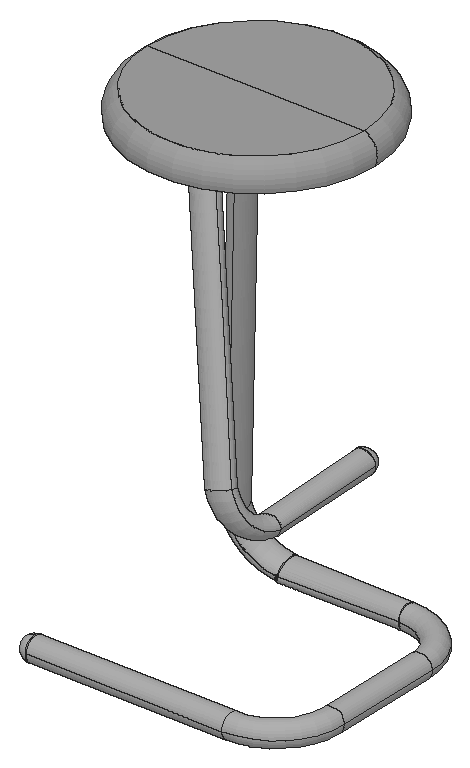
Revit family "Haworth_K700_Stool", category Furniture, Revit 2018
Family settings
  OmniClass Number = 23.40.70.14.64.21
  OmniClass Title = Systems Furniture
  Work Plane-Based = No
  Always vertical = Yes
  Cut with Voids When Loaded = No
  Shared = No
  Room Calculation Point = No
Parameters (values of type "K700 - 28h")
  Warranty = "http://www.haworth.com/resources/product-info/warranties"
  URL - Product = "http://www.haworth.com/products/Seating/Stools/k700"
  Seat Finish = Haworth _ Fabric _ Tellure _ Steel 3A-39
  Model = "K700"  # constant formula
  Medium = no
  Frame Finish = Haworth _ Metal _ Chrome
  Description = "Haworth K700"  # constant formula
  Low = no
  URL = "http://www.haworth.com/our-brands/haworth-collection"
  High = not(or(Medium, Low))  # yes
  Size = "Verify Final Dim. w/ Haworth"  # constant formula
  Revision Number = "5"  # constant formula
  Manufacturer = "Haworth"  # constant formula
  Author = "Haworth (Hampton)"  # constant formula
  Assembly Code = "E2020200"
  Actual Height = if(High, 28", if(Low, 18", 24"))  # 28"
Types (3): name | Medium | Low | High | Actual Height
  K700 - 28h | no | no | yes | 28"
  K700 - 24h | yes | no | no | 24"
  K700 - 18h | no | yes | no | 18"
Reference planes (in)
  plane 1 "Center F/B": y = 0
  plane 2: z = 0
  plane 3 "Center L/R": x = 0
  plane 4 "Top": z = 28
  plane 5 "Back": y = 12
  plane 6 "Front": y = -10.9375
  plane 7 "Left": x = -10.71875
  plane 8 "Right": x = 10.71875
  plane 9: through (-10.71875, -180, 0) normal (-0.0262, 0, -0.9997)
  plane 10: through (0, 4.83345, 14.6143) normal (0, 0.9367, 0.3502)
  plane 11: z = 26.5
  plane 12 "Diagonal Plane": through (0, 6.43284, 0) normal (0, 0.9658, 0.2594)
  plane 13 "High Foot Rest": through (0, -7.69165, 3.4218) normal (0, 0.9744, -0.225)
Forms (in)
  Sweep 1, solid
    path origin (0, 0, 0) x (1, 0, 0) y (0, 1, 0)
      loop
        line (-7.25, -6.8125) -> (3.5, -6.8125)
        arc (3.5, -6.8125) -> (6.19584, -5.69584) -> (7.3125, -3) r 3.8125
        line (7.3125, -3) -> (7.3125, 3)
        arc (7.3125, 3) -> (6.19584, 5.69584) -> (3.5, 6.8125) r 3.8125
    profile origin (-1.875, -6.8125, 0) x (0, 1, 0) y (0, 0, 1)
      loop
        circle (0.75, 0.66748) r 0.6499
  Revolve 2, solid
    sketch origin (0, -6.0625, 0) x (1, 0, 0) y (0, 0, 1)
      loop
        arc (-7.25, 1.31738) -> (-7.70921, 1.12717) -> (-7.89941, 0.66797) r 0.64941
        line (-7.89941, 0.66797) -> (-7.25, 0.66797) -> (-7.25, 1.31738)
      axis (-7.25, 0.66797) -> (-7.89941, 0.66797)
    angle from 0 to 360
  Sweep 3, solid, visible <- "Low"
    path origin (0, 6.1366, 0.85045) x (0, 0.259409, -0.965767) y (-1, 0, 0)
      loop
        arc (1.94184, 3.5) -> (0.36646, 6.26205) -> (-2.66985, 7.20626) r 4.33538
        line (-2.66985, 7.20626) -> (-17.05838, 3.96084)
    profile origin (-5.58355, 3.57776, 10.37689) x (0.975494, 0.057077, -0.212496) y (0, 0.965767, 0.259409)
      loop
        spline (1.80658, -0.736) -> (1.93425, -0.65798) -> (2.04386, -0.53394) -> (2.12794, -0.37234) -> (2.18076, -0.1842) -> (2.19872, 0.01766) -> (2.18059, 0.21949) -> (2.12762, 0.40754) -> (2.0434, 0.56898) -> (1.93369, 0.69282) -> (1.80595, 0.77062) -> (1.6689, 0.79707) -> (1.53186, 0.77037)
        spline (1.53186, 0.77037) -> (1.40419, 0.69234) -> (1.29458, 0.56831) -> (1.2105, 0.40671) -> (1.15768, 0.21857) -> (1.13972, 0.01671) -> (1.15785, -0.18512) -> (1.21082, -0.37317) -> (1.29504, -0.53461) -> (1.40475, -0.65845) -> (1.53249, -0.73625) -> (1.66954, -0.7627) -> (1.80658, -0.736)
  SweptBlend 4, solid
    path origin (0, 0, 0) x (1, 0, 0) y (0, 1, 0)
      loop
        line (3.5, 6.7124) -> (-3.2819, 6.991)
    profile origin (3.5, 6.7124, 0) x (-0.041044, -0.999157, 0) y (0, 0, 1)
      loop
        spline (1.29871, 0.66748) -> (1.27658, 0.83569) -> (1.21171, 0.99243) -> (1.10852, 1.12703) -> (0.97403, 1.23031) -> (0.81742, 1.29524) -> (0.64935, 1.31738) -> (0.48129, 1.29524) -> (0.32468, 1.23031) -> (0.19019, 1.12703) -> (0.087, 0.99243) -> (0.02213, 0.83569) -> (0, 0.66748)
        spline (0, 0.66748) -> (0.02213, 0.49927) -> (0.087, 0.34253) -> (0.19019, 0.20793) -> (0.32468, 0.10465) -> (0.48129, 0.03972) -> (0.64935, 0.01758) -> (0.81742, 0.03972) -> (0.97403, 0.10465) -> (1.10852, 0.20793) -> (1.21171, 0.34253) -> (1.27658, 0.49927) -> (1.29871, 0.66748)
    end profile origin (-3.2819, 6.991, 0) x (-0.041044, -0.999157, 0) y (0, 0, 1)
      loop
        spline (0, 0.63928) -> (0.04328, 0.497) -> (0.1355, 0.36004) -> (0.27035, 0.23775) -> (0.43865, 0.13845) -> (0.62894, 0.06892) -> (0.82824, 0.03389) -> (1.02298, 0.03575) -> (1.19987, 0.07437) -> (1.34688, 0.14713) -> (1.45397, 0.24905) -> (1.51386, 0.37321) -> (1.52245, 0.51112)
        spline (1.52245, 0.51112) -> (1.47917, 0.65341) -> (1.38696, 0.79037) -> (1.25211, 0.91266) -> (1.0838, 1.01196) -> (0.89351, 1.08149) -> (0.69421, 1.11652) -> (0.49948, 1.11466) -> (0.32258, 1.07604) -> (0.17557, 1.00328) -> (0.06848, 0.90136) -> (0.0086, 0.7772) -> (0, 0.63928)
  Sweep 5, solid, visible <- "Medium"
    path origin (0, 6.1366, 0.85045) x (0, 0.259409, -0.965767) y (-1, 0, 0)
      loop
        arc (1.94184, 3.5) -> (0.36646, 6.26205) -> (-2.66985, 7.20626) r 4.33538
        line (-2.66985, 7.20626) -> (-23.64296, 2.47565)
    profile origin (-4.84096, 2.7237, 13.55648) x (0.975494, 0.057077, -0.212496) y (0, 0.965767, 0.259409)
      loop
        spline (1.80658, -0.736) -> (1.93425, -0.65798) -> (2.04386, -0.53394) -> (2.12794, -0.37234) -> (2.18076, -0.1842) -> (2.19872, 0.01766) -> (2.18059, 0.21949) -> (2.12762, 0.40754) -> (2.0434, 0.56898) -> (1.93369, 0.69282) -> (1.80595, 0.77062) -> (1.6689, 0.79707) -> (1.53186, 0.77037)
        spline (1.53186, 0.77037) -> (1.40419, 0.69234) -> (1.29458, 0.56831) -> (1.2105, 0.40671) -> (1.15768, 0.21857) -> (1.13972, 0.01671) -> (1.15785, -0.18512) -> (1.21082, -0.37317) -> (1.29504, -0.53461) -> (1.40475, -0.65845) -> (1.53249, -0.73625) -> (1.66954, -0.7627) -> (1.80658, -0.736)
  Sweep 6, solid, visible <- "High"
    path origin (0, 6.1366, 0.85045) x (0, 0.259409, -0.965767) y (-1, 0, 0)
      loop
        arc (1.94184, 3.5) -> (0.36646, 6.26205) -> (-2.66985, 7.20626) r 4.33538
        line (-2.66985, 7.20626) -> (-27.30106, 1.65055)
    profile origin (-4.4284, 2.24923, 15.32291) x (0.975494, 0.057077, -0.212496) y (0, 0.965767, 0.259409)
      loop
        spline (1.80658, -0.736) -> (1.93425, -0.65798) -> (2.04386, -0.53394) -> (2.12794, -0.37234) -> (2.18076, -0.1842) -> (2.19872, 0.01766) -> (2.18059, 0.21949) -> (2.12762, 0.40754) -> (2.0434, 0.56898) -> (1.93369, 0.69282) -> (1.80595, 0.77062) -> (1.6689, 0.79707) -> (1.53186, 0.77037)
        spline (1.53186, 0.77037) -> (1.40419, 0.69234) -> (1.29458, 0.56831) -> (1.2105, 0.40671) -> (1.15768, 0.21857) -> (1.13972, 0.01671) -> (1.15785, -0.18512) -> (1.21082, -0.37317) -> (1.29504, -0.53461) -> (1.40475, -0.65845) -> (1.53249, -0.73625) -> (1.66954, -0.7627) -> (1.80658, -0.736)
  SweptBlend 7, solid, visible <- "High"
    path origin (-1.41419, -2.00741, 0) x (0, 1, 0) y (1, 0, 0)
      loop
        line (3.5, 6.7124) -> (-3.2819, 6.991)
    profile origin (5.29821, 1.49259, 0) x (0.999157, 0.041044, 0) y (0, 0, 1)
      loop
        spline (-1.29871, 10.66748) -> (-1.27658, 10.49927) -> (-1.21171, 10.34253) -> (-1.10852, 10.20793) -> (-0.97403, 10.10465) -> (-0.81742, 10.03972) -> (-0.64935, 10.01758) -> (-0.48129, 10.03972) -> (-0.32468, 10.10465) -> (-0.19019, 10.20793) -> (-0.087, 10.34253) -> (-0.02213, 10.49927) -> (0, 10.66748)
        spline (0, 10.66748) -> (-0.02213, 10.83569) -> (-0.087, 10.99243) -> (-0.19019, 11.12703) -> (-0.32468, 11.23031) -> (-0.48129, 11.29524) -> (-0.64935, 11.31738) -> (-0.81742, 11.29524) -> (-0.97403, 11.23031) -> (-1.10852, 11.12703) -> (-1.21171, 10.99243) -> (-1.27658, 10.83569) -> (-1.29871, 10.66748)
    end profile origin (5.5768, -5.28931, 0) x (0.999157, 0.041044, 0) y (0, 0, 1)
      loop
        spline (0, 10.63928) -> (-0.0086, 10.7772) -> (-0.06848, 10.90136) -> (-0.17557, 11.00328) -> (-0.32258, 11.07604) -> (-0.49948, 11.11466) -> (-0.69421, 11.11652) -> (-0.89351, 11.08149) -> (-1.0838, 11.01196) -> (-1.25211, 10.91266) -> (-1.38696, 10.79037) -> (-1.47917, 10.65341) -> (-1.52245, 10.51112)
        spline (-1.52245, 10.51112) -> (-1.51386, 10.37321) -> (-1.45397, 10.24905) -> (-1.34688, 10.14713) -> (-1.19987, 10.07437) -> (-1.02298, 10.03575) -> (-0.82824, 10.03389) -> (-0.62894, 10.06892) -> (-0.43865, 10.13845) -> (-0.27035, 10.23775) -> (-0.1355, 10.36004) -> (-0.04328, 10.497) -> (0, 10.63928)
  Sweep 8, solid, visible <- "High"
    path origin (4.7224, -2.00741, 10.85045) x (0.259409, 0, -0.965767) y (0, 1, 0)
      loop
        arc (1.94184, -3.5) -> (0.36646, -6.26205) -> (-2.66985, -7.20626) r 4.33538
        line (-2.66985, -7.20626) -> (-17.25879, -3.71875)
    profile origin (2.13757, -7.46991, 20.47367) x (-0.060313, -0.972596, 0.224542) y (0.965767, 0, 0.259409)
      loop
        spline (-1.80658, -0.736) -> (-1.66954, -0.7627) -> (-1.53249, -0.73625) -> (-1.40475, -0.65845) -> (-1.29504, -0.53461) -> (-1.21082, -0.37317) -> (-1.15785, -0.18512) -> (-1.13972, 0.01671) -> (-1.15768, 0.21857) -> (-1.2105, 0.40671) -> (-1.29458, 0.56831) -> (-1.40419, 0.69234) -> (-1.53186, 0.77037)
        spline (-1.53186, 0.77037) -> (-1.6689, 0.79707) -> (-1.80595, 0.77062) -> (-1.93369, 0.69282) -> (-2.0434, 0.56898) -> (-2.12762, 0.40754) -> (-2.18059, 0.21949) -> (-2.19872, 0.01766) -> (-2.18076, -0.1842) -> (-2.12794, -0.37234) -> (-2.04386, -0.53394) -> (-1.93425, -0.65798) -> (-1.80658, -0.736)
  Revolve 9, solid, visible <- "High"
    sketch origin (4.6494, -5.78406, 9.99951) x (0, -1, 0) y (0, 0, 1)
      loop
        arc (-7.25, 1.31738) -> (-7.70921, 1.12717) -> (-7.89941, 0.66797) r 0.64941
        line (-7.89941, 0.66797) -> (-7.25, 0.66797) -> (-7.25, 1.31738)
      axis (-7.25, 0.66797) -> (-7.89941, 0.66797)
    angle from 0 to 360
Lines and regions (in)
  symbolic lines
    curve 1: line (-5.2289, 4.17599, 0) -> (-5.93937, 4.8846, 0)
    curve 2: arc (-5.93937, 4.8846, 0) -> (-6.20337, 5.5186, 0) -> (-5.93918, 6.15251, 0) r 0.89294
    curve 3: arc (-5.93918, 6.15251, 0) -> (-5.23947, 6.64435, 0) -> (-4.41354, 6.86651, 0) r 2.45676
    curve 4: arc (-4.41354, 6.86651, 0) -> (-3.81165, 6.89532, 0) -> (-3.20938, 6.87596, 0) r 7.53872
    curve 5: line (-3.20938, 6.87596, 0) -> (3.5, 6.62126, 0)
    curve 6: arc (3.5, 6.62126, 0) -> (6.125, 5.53394, 0) -> (7.21231, 2.90894, 0) r 3.71231
    curve 7: line (7.21231, 2.90894, 0) -> (7.21231, -3.09106, 0)
    curve 8: arc (7.21231, -3.09106, 0) -> (6.125, -5.71606, 0) -> (3.5, -6.80337, 0) r 3.71231
    curve 9: line (3.5, -6.80337, 0) -> (-7.25, -6.80337, 0)
    curve 10: arc (-7.25, -6.80337, 0) -> (-7.94514, -6.10823, 0) -> (-7.25, -5.41309, 0) r 0.69514
    curve 11: line (-7.25, -5.41309, 0) -> (-3.75, -5.41309, 0)
    curve 12: arc (3.8056, 5.40437, 0) -> (5.31865, 4.56649, 0) -> (5.93779, 2.95156, 0) r 2.52556
    curve 13: arc (5.90123, -2.95911, 0) -> (5.30252, -4.57804, 0) -> (3.81216, -5.44879, 0) r 2.55967
    curve 14: line (-4.26025, 5.02271, 0) -> (-4.53918, 5.30164, 0)
    curve 15: arc (-4.53918, 5.30164, 0) -> (-4.20176, 5.3683, 0) -> (-3.86189, 5.42107, 0) r 8.38964
    curve 16: circle (0, 0, 0) r 6.60158 normal (0, 0, 1)
Dimensions and locks (in)
  "Actual Height": plane 4 "Top" to level
  aligned and locked: plane 4 "Top" to nested 1
Automatic sketch dimensions
  plane 7 "Left" to Sweep 1 sketch curve = 3 15/32"
  plane 3 "Center L/R" to Sweep 1 sketch curve = 3 1/2"  (x2)
  Sweep 1 sketch curve to plane 8 "Right" = 3 13/32"
  Sweep 1 sketch curve to plane 6 "Front" = 4 1/8"
  Sweep 1 sketch curve to plane 1 "Center F/B" = 3"
  Sweep 1 sketch curve to profile plane = 3/4"
  level to Sweep 1 sketch curve = 0.66748"
  level to Revolve 2 sketch curve = 171/256"
  plane 7 "Left" to Revolve 2 sketch curve = 2.22486"
  Revolve 2 sketch curve to Revolve 2 sketch curve = 0.59447"
  Revolve 2 sketch curve to Revolve 2 sketch curve = 0.15553"
  Revolve 2 sketch curve to Revolve 2 sketch curve = 0.49389"
  Revolve 2 sketch curve to Revolve 2 sketch curve = 0"
  Sweep 3 sketch curve to plane 3 "Center L/R" = 3.96084"
  plane 7 "Left" to Sweep 3 sketch curve = 3.51249"
  Sweep 3 sketch curve to Sweep 3 sketch curve = 14.38853"
  Sweep 3 sketch curve to Sweep 3 sketch curve = 0.32047"
  Sweep 3 sketch curve to plane 3 "Center L/R" = 3 1/2"
  Sweep 3 sketch curve to Sweep 3 sketch curve = 4.29121"
  profile plane to Sweep 3 sketch curve = 0.77037"
  Sweep 3 sketch curve to profile plane = 1.53186"
  Sweep 3 sketch curve to profile plane = 0.7627"
  Sweep 3 sketch curve to Sweep 3 sketch curve = 0.13736"  (x2)
  Sweep 3 sketch curve to Sweep 3 sketch curve = 0"  (x2)
  Sweep 3 sketch curve to Sweep 3 sketch curve = 0.0267"
  SweptBlend 4 sketch curve to plane 3 "Center L/R" = 3.2819"
  plane 3 "Center L/R" to SweptBlend 4 sketch curve = 3 1/2"
  plane 5 "Back" to SweptBlend 4 sketch curve = 5.2876"
  plane 5 "Back" to SweptBlend 4 sketch curve = 5.009"
  SweptBlend 4 sketch curve to profile plane = 0"  (x3)
  SweptBlend 4 sketch curve to profile plane = 0.64935"
  level to SweptBlend 4 sketch curve = 0.66748"
  SweptBlend 4 sketch curve to SweptBlend 4 sketch curve = 0.6499"
  SweptBlend 4 sketch curve to SweptBlend 4 sketch curve = 0"  (x3)
  level to SweptBlend 4 sketch curve = 0.51112"  (x2)
  SweptBlend 4 sketch curve to profile plane = 1.52245"
  level to SweptBlend 4 sketch curve = 0.63928"
  profile plane to Sweep 5 sketch curve = 0.77037"
  Sweep 5 sketch curve to profile plane = 1.53186"
  Sweep 5 sketch curve to profile plane = 0.7627"
  Sweep 5 sketch curve to Sweep 5 sketch curve = 0.13736"  (x2)
  Sweep 5 sketch curve to Sweep 5 sketch curve = 0"  (x2)
  Sweep 5 sketch curve to Sweep 5 sketch curve = 0.0267"
  Sweep 6 sketch curve to plane 3 "Center L/R" = 1.65055"
  plane 7 "Left" to Sweep 6 sketch curve = 3.51249"
  Sweep 6 sketch curve to Sweep 6 sketch curve = 24.63121"
  Sweep 6 sketch curve to Sweep 6 sketch curve = 0.32047"
  Sweep 6 sketch curve to plane 3 "Center L/R" = 3 1/2"
  Sweep 6 sketch curve to Sweep 6 sketch curve = 4.29121"
  profile plane to Sweep 6 sketch curve = 0.77037"
  Sweep 6 sketch curve to profile plane = 1.53186"
  Sweep 6 sketch curve to profile plane = 0.7627"
  Sweep 6 sketch curve to Sweep 6 sketch curve = 0.13736"  (x2)
  Sweep 6 sketch curve to Sweep 6 sketch curve = 0"  (x2)
  Sweep 6 sketch curve to Sweep 6 sketch curve = 0.0267"
  SweptBlend 7 sketch curve to plane 1 "Center F/B" = 5.28931"
  plane 1 "Center F/B" to SweptBlend 7 sketch curve = 1.49259"
  SweptBlend 7 sketch curve to plane 3 "Center L/R" = 5.29821"
  plane 8 "Right" to SweptBlend 7 sketch curve = 5.14195"
  SweptBlend 7 sketch curve to profile plane = 0"  (x3)
  SweptBlend 7 sketch curve to SweptBlend 7 sketch curve = 0.64935"
  level to SweptBlend 7 sketch curve = 10.66748"
  SweptBlend 7 sketch curve to SweptBlend 7 sketch curve = 0.6499"
  SweptBlend 7 sketch curve to SweptBlend 7 sketch curve = 0"  (x4)
  profile plane to SweptBlend 7 sketch curve = 1.52245"
  level to SweptBlend 7 sketch curve = 10.51112"
  SweptBlend 7 sketch curve to SweptBlend 7 sketch curve = 0.12816"
  Sweep 8 sketch curve to plane 6 "Front" = 5.21134"
  Sweep 8 sketch curve to plane 6 "Front" = 1.72383"
  Sweep 8 sketch curve to Sweep 8 sketch curve = 14.58894"
  Sweep 8 sketch curve to Sweep 8 sketch curve = 0.32047"
  Sweep 8 sketch curve to Sweep 8 sketch curve = 4.29121"
  plane 1 "Center F/B" to Sweep 8 sketch curve = 5.50741"
  Sweep 8 sketch curve to profile plane = 0.736"
  profile plane to Sweep 8 sketch curve = 1.80658"
  Sweep 8 sketch curve to Sweep 8 sketch curve = 0.13736"  (x2)
  Sweep 8 sketch curve to Sweep 8 sketch curve = 0"  (x2)
  Sweep 8 sketch curve to Sweep 8 sketch curve = 0.0267"
  profile plane to Sweep 8 sketch curve = 0.01718"
  level to Revolve 9 sketch curve = 10.66748"
  Revolve 9 sketch curve to Revolve 9 sketch curve = 0.59447"
  Revolve 9 sketch curve to Revolve 9 sketch curve = 0.15553"
  Revolve 9 sketch curve to Revolve 9 sketch curve = 0.49389"
  Revolve 9 sketch curve to Revolve 9 sketch curve = 0"
  Revolve 9 sketch curve to plane 1 "Center F/B" = 2.70983"
  Sweep 5 sketch curve to plane 3 "Center L/R" = 2.47565"
  plane 7 "Left" to Sweep 5 sketch curve = 3.51249"
  Sweep 5 sketch curve to Sweep 5 sketch curve = 20.97311"
  Sweep 5 sketch curve to Sweep 5 sketch curve = 0.32047"
  Sweep 5 sketch curve to plane 3 "Center L/R" = 3 1/2"
  Sweep 5 sketch curve to Sweep 5 sketch curve = 4.29121"
  plane 1 "Center F/B" to curve 16 = 0"
  curve 16 to plane 3 "Center L/R" = 0"
  curve 15 to plane 3 "Center L/R" = 2.74492"
  curve 5 to plane 3 "Center L/R" = 3.20938"
  curve 11 to curve 15 = 1.00508"
  plane 1 "Center F/B" to curve 4 = 0.64317"
  curve 4 to curve 15 = 1.00755"
  curve 15 to curve 5 = 0.65251"
  curve 3 to curve 15 = 0.33621"
  curve 14 to curve 15 = 0.39836"
  curve 4 to curve 5 = 1.20416"
  curve 3 to curve 4 = 0"
  curve 14 to curve 14 = 0.27893"
  curve 1 to curve 3 = 1.0308"
  curve 2 to curve 15 = 0.77125"
  curve 2 to curve 2 = 0.62875"
  curve 1 to curve 2 = 0.62893"
  plane 7 "Left" to curve 11 = 3 15/32"
  plane 3 "Center L/R" to curve 13 = 3.3417"
  plane 3 "Center L/R" to curve 12 = 3.41259"
  curve 12 to curve 6 = 0.08741"
  curve 13 to curve 8 = 0.15831"
  curve 5 to curve 12 = 0.3056"
  curve 9 to curve 13 = 0.31216"
  curve 8 to curve 13 = 2.40122"
  curve 6 to curve 12 = 2.43779"
  curve 13 to curve 7 = 1.31109"
  curve 15 to curve 4 = 2.25071"
  plane 1 "Center F/B" to curve 13 = 2.93274"
  curve 13 to curve 13 = 0.02638"
  curve 8 to curve 13 = 0.13194"
  curve 9 to curve 11 = 1.39028"
  curve 6 to plane 1 "Center F/B" = 2.90894"
  curve 6 to curve 12 = 0.00063"
  curve 7 to curve 12 = 0.04262"
  curve 1 to plane 1 "Center F/B" = 4.17599"
  curve 1 to curve 3 = 0.24322"
  curve 1 to curve 2 = 0.70861"
  curve 3 to curve 14 = 0.6035"
  curve 14 to curve 15 = 0.27893"
  radius of Sweep 1 sketch curve = 0.6499"
Nested families (in)
  nested 1: "K700_Seat" at (0, 0, 0), type "Seat"
Definition of nested family "K700_Seat"
  Parameters
    Seat Finish = none
    Model = "K700_Seat"  # constant formula
    Description = "K700_Seat"
    URL = "www.haworth.com"
    Revision Number = "1"  # constant formula
    Manufacturer = "Haworth"  # constant formula
    Author = "Sarah Hampton"  # constant formula
    Assembly Code = "E2020200"
  Reference planes (in)
    plane 1 "Center F/B": y = 0
    plane 2: z = 0
    plane 3 "Center L/R": x = 0
    plane 4 "Top": z = 28
    plane 5: through (-10.71875, -180, 0) normal (-0.0262, 0, -0.9997)
    plane 6: through (0, 4.83345, 14.6143) normal (0, 0.9367, 0.3502)
  Forms (in)
    Revolve 1, solid, material <- "Seat Finish"
      sketch origin (0, 0, 10) x (1, 0, 0) y (0, 0, 1)
        loop
          line (5.9219, 18) -> (0, 18) -> (0, 16.50314) -> (6.5425, 16.50314)
          arc (6.5425, 16.50314) -> (6.52283, 17.37206) -> (5.9219, 18) r 1.20053
        axis (0, 18) -> (0, 16.50314)
      angle from 0 to 360
  Dimensions and locks (in)
    locked: plane 4 "Top" to level at 28
    angle level to plane 6 = 69.50°
    aligned and locked: plane 4 "Top" to Revolve 1  (x2)
